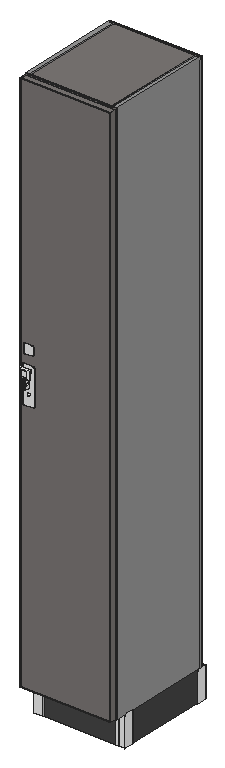
Revit family "Wood_Lockers_Hasps-Salsbury_Industries-41000_Series-1_Wide_Units.rfa", category Specialty Equipment, Revit 2016
Family settings
  Part Type = Normal
  Round Connector Dimension = Use Diameter
  OmniClass Number = 23.40.00.00
  OmniClass Title = Equipment and Furnishings
  Work Plane-Based = No
  Always vertical = Yes
  Cut with Voids When Loaded = No
  Shared = No
  Room Calculation Point = No
Parameters (values of type "41165")
  Width = 12.000"
  Version = "1.0 (01/31/24)"
  Unit Height including Sloping Hood Only [instance] = 77.743"
  Unit Height including Base Only [instance] = 76.000"
  URL = "www.lockers.com"
  Type Comments = "Premier Wood Locker - Single Tier - with Hasps"
  Total Door Height [instance] = if(Unit Height = 72.000", 71.750", if(Unit Height = 60.000", 59.750", 0.000"))  # 71.750"
  Sloping Top Corner Filler - Right Side [instance] = Wood Locker Sloping Corner Fillers : None
  Sloping Top Corner Filler - Left Side [instance] = Wood Locker Sloping Corner Fillers : None
  Sloping In-Line Filler - Right Side [instance] = Wood Locker Sloping In-Line Fillers : None
  Sloping In-Line Filler - Left Side [instance] = Wood Locker Sloping In-Line Fillers : None
  Sloping Hood Height = if(Depth = 15.000", 5.743", if(Depth = 18.000", 6.868", if(Depth = 21.000", 7.993", if(Depth = 24.000", 9.118", 0.000"))))  # 5.743"
  Sloping Hood [instance] = Wood Locker Sloping Hoods : None
  Side Panel without Slope - Right Side [instance] = Wood Locker Side Panels-No Slope : None
  Side Panel without Slope - Left Side [instance] = Wood Locker Side Panels-No Slope : None
  Side Panel with Slope - Right Side [instance] = Wood Locker Side Panels-With Slope : None
  Side Panel with Slope - Left Side [instance] = Wood Locker Side Panels-With Slope : None
  Secondary Structure Materials = Particle Board Industrial Grade - Salsbury Finish - Black Melamine Overlay
  Primary Structure Materials = Particle Board Industrial Grade - Salsbury Finish - Plain
  Overall Unit Height including Base and Sloping Hood [instance] = 81.743"
  OmniClass 23 Title = "Equipment and Furnishings"
  OmniClass 23 Number = "23.40.00.00"
  Model = "41165"
  MasterFormat Title = "Lockers"
  MasterFormat Code = "10 51 23"
  Manufacturer = "Salsbury Industries"
  Laminate Surface [instance] = Industrial Grade Particleboard with Wood Laminate - Salsbury Finish - Skyline Walnut
  Interior Material = Textured Melamine - Salsbury Finish - White
  Individual Door Width [instance] = 11.875"
  Unit Height = 72.000"
  Hardware = Aluminum - Salsbury Finish - Black Satin
  Front Vertical Filler - Right Side [instance] = Wood Locker Front Fillers : None
  Front Vertical Filler - Left Side [instance] = Wood Locker Front Fillers : None
  Front Corner Filler - Right Side [instance] = Wood Locker Front Corner Filler : None
  Front Corner Filler - Left Side [instance] = Wood Locker Front Corner Filler : None
  Flat Top In-Line Filler - Right Side [instance] = Wood Locker Flat In-Line Fillers : None
  Flat Top In-Line Filler - Left Side [instance] = Wood Locker Flat In-Line Fillers : None
  Flat Top Corner Filler - Right Side [instance] = Wood Locker Flat Corner Fillers : None
  Flat Top Corner Filler - Left Side [instance] = Wood Locker Flat Corner Fillers : None
  Fascia Filler [instance] = Wood Locker Fascia Fillers : None
  Double Side Panel without Slope - Right Side [instance] = Wood Locker Double Side Panels-No Slope : None
  Double Side Panel without Slope - Left Side [instance] = Wood Locker Double Side Panels-No Slope : None
  Double Side Panel with Slope - Right Side [instance] = Wood Locker Double Side Panels-With Slope : None
  Double Side Panel with Slope - Left Side [instance] = Wood Locker Double Side Panels-With Slope : None
  Door Location D1 = Premier Locker Doors_Hasp : Single Tier Door for Six Foot High Locker
  Description = "1 Wide - 6 Feet High - 15 inches Deep - with Base"
  Depth = 15.000"
  Compartment Width [instance] = 10.750"
  Compartment Height [instance] = if(Unit Height = 72.000", 70.500", if(Unit Height = 60.000", 58.500", 0.000"))  # 70.500"
  Compartment Depth [instance] = 13.750"
  Base Material = Particle Board Industrial Grade - Salsbury Finish - Black Melamine Overlay
  Base Height = 4.000"
  Base Depth [instance] = 13.250"
  Base = Wood Locker Bases : Base - 12" W x 15" D Lockers
  Assembly Code = "C1030310"
Reference planes (in)
  plane 1 "Center (Front/Back)": y = 0
  plane 2: z = 0
  plane 3 "Center (Left/Right)": x = 0
  plane 4 "Right Side of Unit": x = 6
  plane 5 "Left Side of Unit": x = -6
  plane 6 "Back of Unit": y = 7.5
  plane 7 "Front of Unit": y = -7.5
  plane 8 "Bottom of Base": z = 0
  plane 9 "Top Edge of Unit": z = 76
  plane 10 "Top of Base Edge": z = 4
  plane 11: z = 81.743
  plane 12 "Right Compartment Edge": x = 5.406
  plane 13 "Left Compartment Edge": x = -5.406
  plane 14 "Front Melamine Edge": y = -6.5
  plane 15 "Back Compartment Edge": y = 7.281
  plane 16 "Front Compartment Edge": y = -6.469
  plane 17 "Front Edge of Base": y = -5.125
  plane 18 "Bottom Edge of Door": z = 4.125
  plane 19 "Top Edge of Door": z = 75.875
  plane 20 "Bottom Compartment Edge": z = 4.75
  plane 21 "Top Compartment Edge": z = 75.25
  plane 22 "Center Top and Bottom": z = 40
  plane 23 "Left Melamine Edge": x = -5.375
  plane 24 "Right Melamine Edge": x = 5.375
  plane 25 "Back Melamine Edge": y = 7.25
  plane 26 "Left Edge of Door": x = -5.875
  plane 27: y = 8.125
  plane 28: y = -5.75
  plane 29 "Base / Ventillation Alignment": y = 8.125
  plane 30 "Compartment Shelf": z = 64.125
  plane 31: z = 63.375
  plane 32 "5" Shelf": z = 58.875
  plane 33: z = 58.125
  plane 34 "Front Edge of 5" Shelf": y = 2.25
  plane 35 "11.75" Shelf": z = 13
  plane 36: z = 13.75
  plane 37 "Front of Shoe Shelf": y = -4.5
  plane 38: y = 2.281
  plane 39: y = -4.469
  plane 40: z = 81.743
  plane 41: z = 81.743
  plane 42: z = 82.61385
  plane 43: z = 82.19365
  plane 44: z = 75.281
  plane 45: z = 4.719
Forms (in)
  Extrusion 1, solid, material "Particle Board Industrial Grade - Salsbury Finish - Plain" <- "Primary Structure Materials"
    sketch origin (6, 0, 0) x (0, -1, 0) y (0, 0, 1)
      loop
        line (6.469, 76) -> (-7.25, 76) -> (-7.25, 4) -> (6.469, 4) -> (6.469, 76)
    from 0 to 0.594
  Extrusion 2, solid, material "Particle Board Industrial Grade - Salsbury Finish - Plain" <- "Primary Structure Materials"
    sketch origin (-6, 0, 0) x (0, -1, 0) y (0, 0, 1)
      loop
        line (-7.25, 76) -> (-7.25, 4) -> (6.469, 4) -> (6.469, 76) -> (-7.25, 76)
    from 0 to -0.594
  Extrusion 3, solid, material "Particle Board Industrial Grade - Salsbury Finish - Black Melamine Overlay" <- "Secondary Structure Materials"
    sketch origin (0, 0, 4) x (0, -1, 0) y (1, 0, 0)
      loop
        line (-7.25, -5.375) -> (6.469, -5.375) -> (6.469, 5.375) -> (-7.25, 5.375) -> (-7.25, -5.375)
    from 0 to 0.719
  Extrusion 4, solid, material "Industrial Grade Particleboard with Wood Laminate - Salsbury Finish - Skyline Walnut" <- "Laminate Surface"
    sketch origin (-0.3905, 0.3905, 76) x (-1, 0, 0) y (0, -1, 0)
      loop
        line (-5.7655, -6.8595) -> (4.9845, -6.8595) -> (4.9845, 6.8595) -> (-5.7655, 6.8595) -> (-5.7655, -6.8595)
    from 0 to -0.75
  Extrusion 5, solid, material "Particle Board Industrial Grade - Salsbury Finish - Plain" <- "Primary Structure Materials"
    sketch origin (0, 7.5, 0) x (1, 0, 0) y (0, 0, 1)
      loop
        line (-6, 76) -> (-6, 4) -> (6, 4) -> (6, 76) -> (-6, 76)
    from 0 to 0.219
  Extrusion 6, solid, material "Industrial Grade Particleboard with Wood Laminate - Salsbury Finish - Skyline Walnut" <- "Laminate Surface"
    sketch origin (0, -6.469, 0) x (1, 0, 0) y (0, 0, 1)
      loop
        line (-6, 76) -> (-6, 4) -> (-5.375, 4) -> (-5.375, 76) -> (-6, 76)
    from 0 to 0.031
  Extrusion 7, solid, material "Industrial Grade Particleboard with Wood Laminate - Salsbury Finish - Skyline Walnut" <- "Laminate Surface"
    sketch origin (0, -6.469, 0) x (-1, 0, 0) y (0, 0, -1)
      loop
        line (-6, -76) -> (-5.375, -76) -> (-5.375, -4) -> (-6, -4) -> (-6, -76)
    from 0 to 0.031
  Extrusion 8, solid, material "Textured Melamine - Salsbury Finish - White" <- "Interior Material"
    sketch origin (0, 7.25, 0) x (1, 0, 0) y (0, 0, 1)
      loop
        line (-6, 76) -> (-6, 4) -> (6, 4) -> (6, 76) -> (-6, 76)
    from -0.031 to 0
  Extrusion 9, solid, material "Textured Melamine - Salsbury Finish - White" <- "Interior Material"
    sketch origin (-5.406, 0, 0) x (0, -1, 0) y (0, 0, 1)
      loop
        line (-7.25, 76) -> (-7.25, 4) -> (6.469, 4) -> (6.469, 76) -> (-7.25, 76)
    from 0 to -0.031
  Extrusion 10, solid, material "Textured Melamine - Salsbury Finish - White" <- "Interior Material"
    sketch origin (5.406, 0, 0) x (0, -1, 0) y (0, 0, 1)
      loop
        line (6.469, 76) -> (-7.25, 76) -> (-7.25, 4) -> (6.469, 4) -> (6.469, 76)
    from 0 to 0.031
  Extrusion 11, solid, material "Textured Melamine - Salsbury Finish - White" <- "Interior Material", detail levels fine
    sketch origin (0, 0, 64.125) x (0, -1, 0) y (1, 0, 0)
      loop
        line (-7.25, -5.375) -> (6.469, -5.375) -> (6.469, 5.375) -> (-7.25, 5.375) -> (-7.25, -5.375)
    from 0 to -0.75
  Extrusion 12, solid, material "Textured Melamine - Salsbury Finish - White" <- "Interior Material", detail levels fine
    sketch origin (0, 0, 58.875) x (0, -1, 0) y (1, 0, 0)
      loop
        line (-7.25, -5.375) -> (-2.281, -5.375) -> (-2.281, 5.375) -> (-7.25, 5.375) -> (-7.25, -5.375)
    from 0 to -0.75
  Extrusion 13, solid, material "Textured Melamine - Salsbury Finish - White" <- "Interior Material", detail levels fine
    sketch origin (0, 0, 13) x (0, -1, 0) y (1, 0, 0)
      loop
        line (-7.25, -5.375) -> (4.469, -5.375) -> (4.469, 5.375) -> (-7.25, 5.375) -> (-7.25, -5.375)
    from 0.75 to 0
  Extrusion 14, solid, material "Industrial Grade Particleboard with Wood Laminate - Salsbury Finish - Skyline Walnut" <- "Laminate Surface"
    sketch origin (0, -6.469, 0) x (1, 0, 0) y (0, 0, 1)
      loop
        line (5.375, 75.25) -> (5.375, 76) -> (-5.375, 76) -> (-5.375, 75.25) -> (5.375, 75.25)
    from 0 to 0.031
  Extrusion 15, solid, material "Industrial Grade Particleboard with Wood Laminate - Salsbury Finish - Skyline Walnut" <- "Laminate Surface"
    sketch origin (0, -6.469, -71.25) x (1, 0, 0) y (0, 0, 1)
      loop
        line (5.375, 75.25) -> (5.375, 76) -> (-5.375, 76) -> (-5.375, 75.25) -> (5.375, 75.25)
    from 0 to 0.031
  Extrusion 16, solid, material "Industrial Grade Particleboard with Wood Laminate - Salsbury Finish - Skyline Walnut" <- "Laminate Surface", detail levels fine
    sketch origin (0, -6.469, 0) x (1, 0, 0) y (0, 0, 1)
      loop
        line (-5.375, 64.125) -> (-5.375, 63.375) -> (5.375, 63.375) -> (5.375, 64.125) -> (-5.375, 64.125)
    from 0 to 0.031
  Extrusion 17, solid, material "Industrial Grade Particleboard with Wood Laminate - Salsbury Finish - Skyline Walnut" <- "Laminate Surface", detail levels fine
    sketch origin (0, 2.25, 0) x (1, 0, 0) y (0, 0, 1)
      loop
        line (-5.375, 58.875) -> (-5.375, 58.125) -> (5.375, 58.125) -> (5.375, 58.875) -> (-5.375, 58.875)
    from -0.031 to 0
  Extrusion 18, solid, material "Industrial Grade Particleboard with Wood Laminate - Salsbury Finish - Skyline Walnut" <- "Laminate Surface", detail levels fine
    sketch origin (0, -4.5, 0) x (1, 0, 0) y (0, 0, 1)
      loop
        line (-5.375, 13.75) -> (-5.375, 13) -> (5.375, 13) -> (5.375, 13.75) -> (-5.375, 13.75)
    from -0.031 to 0
  Extrusion 19, solid, material "Textured Melamine - Salsbury Finish - White" <- "Interior Material"
    sketch origin (0, 0, 4.75) x (0, -1, 0) y (1, 0, 0)
      loop
        line (-7.25, -5.375) -> (6.469, -5.375) -> (6.469, 5.375) -> (-7.25, 5.375) -> (-7.25, -5.375)
    from -0.031 to 0
Lines and regions (in)
  symbolic lines
    curve 1: line (-6, 7.25, 76) -> (6.00006, 7.25, 76)
    curve 2: line (-6, 7.25, 0) -> (-6, 7.25, 76)
    curve 3: line (6.00006, 7.25, 76) -> (6.00006, 7.25, 0)
    curve 4: line (5.406, -6.5, 76) -> (5.406, 8.125, 76)
    curve 5: line (5.406, -6.5, 0) -> (5.406, -6.5, 76)
    curve 6: line (5.406, 8.125, 76) -> (5.406, 8.125, 0)
    curve 7: line (6.00006, 7.25, 0) -> (-6, 7.25, 0)
    curve 8: line (5.406, -5.125, 0) -> (5.406, 8.125, 0)
    curve 9: line (5.406, 8.125, 0) -> (5.406, -5.125, 0)
    curve 10: line (5.406, -6.5, 0) -> (5.406, 8.125, 0)
    curve 11: line (-6, 8.125, 0) -> (6, 8.125, 0)
    curve 12: line (-6, -6.5, 0) -> (-6, 8.125, 0)
    curve 13: line (6, -6.5, 0) -> (-6, -6.5, 0)
    curve 14: line (6, 8.125, 0) -> (6, -6.5, 0)
Dimensions and locks (in)
  equal spacing: plane 5 "Left Side of Unit", plane 3 "Center (Left/Right)", plane 4 "Right Side of Unit"
  "Width": plane 5 "Left Side of Unit" to plane 4 "Right Side of Unit"
  equal spacing: plane 7 "Front of Unit", plane 1 "Center (Front/Back)", plane 6 "Back of Unit"
  "Depth": plane 7 "Front of Unit" to plane 6 "Back of Unit"
  "Base Height": plane 10 "Top of Base Edge" to plane 8 "Bottom of Base"
  "Unit Height": plane 9 "Top Edge of Unit" to plane 10 "Top of Base Edge"
  "Sloping Hood Height": plane 11 to plane 9 "Top Edge of Unit"
  locked: plane 12 "Right Compartment Edge" to plane 4 "Right Side of Unit" at 0.594
  locked: plane 5 "Left Side of Unit" to plane 13 "Left Compartment Edge" at 0.594
  locked: plane 7 "Front of Unit" to plane 14 "Front Melamine Edge" at 1
  locked: plane 15 "Back Compartment Edge" to plane 6 "Back of Unit" at 0.219
  locked: plane 14 "Front Melamine Edge" to plane 16 "Front Compartment Edge" at 0.031
  plane 18 "Bottom Edge of Door" to plane 10 "Top of Base Edge" = 0.125"
  plane 9 "Top Edge of Unit" to plane 19 "Top Edge of Door" = 0.125"
  plane 20 "Bottom Compartment Edge" to plane 10 "Top of Base Edge" = 0.750"
  plane 9 "Top Edge of Unit" to plane 21 "Top Compartment Edge" = 0.750"
  equal spacing: plane 9 "Top Edge of Unit", plane 22 "Center Top and Bottom", plane 10 "Top of Base Edge"
  locked: plane 24 "Right Melamine Edge" to plane 12 "Right Compartment Edge" at 0.031
  locked: plane 13 "Left Compartment Edge" to plane 23 "Left Melamine Edge" at 0.031
  locked: plane 25 "Back Melamine Edge" to plane 15 "Back Compartment Edge" at 0.031
  locked: plane 5 "Left Side of Unit" to plane 26 "Left Edge of Door" at 0.125
  "Individual Door Width": plane 26 "Left Edge of Door" to plane 4 "Right Side of Unit"
  "Total Door Height": plane 19 "Top Edge of Door" to plane 18 "Bottom Edge of Door"
  "Unit Height including Base Only": plane 9 "Top Edge of Unit" to plane 8 "Bottom of Base"
  "Unit Height including Sloping Hood Only": plane 11 to plane 10 "Top of Base Edge"
  "Overall Unit Height including Base and Sloping Hood": plane 11 to plane 8 "Bottom of Base"
  locked: plane 7 "Front of Unit" to plane 17 "Front Edge of Base" at 2.375
  locked: plane 6 "Back of Unit" to plane 27 at 0.625
  "Base Depth": plane 17 "Front Edge of Base" to plane 27
  "Compartment Width": plane 23 "Left Melamine Edge" to plane 24 "Right Melamine Edge"
  "Compartment Height": plane 21 "Top Compartment Edge" to plane 20 "Bottom Compartment Edge"
  "Compartment Depth": plane 14 "Front Melamine Edge" to plane 25 "Back Melamine Edge"
  locked: plane 14 "Front Melamine Edge" to plane 28 at 0.75
  plane 14 "Front Melamine Edge" to plane 27 = 14.625"
  Extrusion 2 to Extrusion 9 = 13.719"
  plane 6 "Back of Unit" to plane 29 "Base / Ventillation Alignment" = 0.625"
  plane 21 "Top Compartment Edge" to plane 30 "Compartment Shelf" = 11.125"
  locked: plane 30 "Compartment Shelf" to plane 31 at 0.75
  locked: plane 31 to plane 32 "5" Shelf" at 4.5
  locked: plane 32 "5" Shelf" to plane 33 at 0.75
  locked: plane 34 "Front Edge of 5" Shelf" to plane 25 "Back Melamine Edge" at 5
  locked: plane 36 to plane 35 "11.75" Shelf" at 0.75
  locked: plane 35 "11.75" Shelf" to plane 20 "Bottom Compartment Edge" at 8.25
  locked: plane 37 "Front of Shoe Shelf" to plane 25 "Back Melamine Edge" at 11.75
  locked: plane 34 "Front Edge of 5" Shelf" to plane 38 at 0.031
  locked: plane 37 "Front of Shoe Shelf" to plane 39 at 0.031
  locked: plane 44 to plane 21 "Top Compartment Edge" at 0.031
  locked: plane 20 "Bottom Compartment Edge" to plane 45 at 0.031
  aligned and locked: level to plane 2
  aligned and locked: plane 15 "Back Compartment Edge" to Extrusion 5
  aligned and locked: plane 9 "Top Edge of Unit" to nested 1
  aligned and locked: plane 28 to nested 1
  aligned and locked: nested 2 to plane 28
  aligned and locked: plane 5 "Left Side of Unit" to nested 2
  aligned and locked: plane 4 "Right Side of Unit" to nested 1
  aligned and locked: nested 2 to plane 9 "Top Edge of Unit"
  aligned and locked: plane 14 "Front Melamine Edge" to nested 3
  aligned and locked: plane 4 "Right Side of Unit" to nested 3
  aligned and locked: nested 4 to plane 14 "Front Melamine Edge"
  aligned and locked: plane 5 "Left Side of Unit" to nested 4
  aligned and locked: nested 3 to plane 8 "Bottom of Base"
  aligned and locked: nested 4 to plane 8 "Bottom of Base"
  aligned and locked: plane 17 "Front Edge of Base" to nested 5
  aligned and locked: nested 7 to plane 9 "Top Edge of Unit"
  aligned and locked: plane 4 "Right Side of Unit" to nested 7
  aligned and locked: nested 6 to plane 9 "Top Edge of Unit"
  aligned and locked: plane 5 "Left Side of Unit" to nested 6
  aligned and locked: nested 7 to plane 28
  aligned and locked: nested 6 to plane 28
  aligned and locked: plane 14 "Front Melamine Edge" to nested 8
  aligned and locked: plane 9 "Top Edge of Unit" to nested 8
  aligned and locked: plane 8 "Bottom of Base" to nested 5
  aligned and locked: plane 3 "Center (Left/Right)" to nested 5
  aligned and locked: plane 25 "Back Melamine Edge" to Extrusion 3 sketch curve
  aligned and locked: Extrusion 3 sketch curve to plane 23 "Left Melamine Edge"
  aligned and locked: plane 24 "Right Melamine Edge" to Extrusion 3 sketch curve
  aligned and locked: plane 10 "Top of Base Edge" to Extrusion 3
  aligned and locked: Extrusion 4 to plane 9 "Top Edge of Unit"
  aligned and locked: Extrusion 2 sketch curve to plane 9 "Top Edge of Unit"
  aligned and locked: plane 16 "Front Compartment Edge" to Extrusion 2 sketch curve
  aligned and locked: Extrusion 2 sketch curve to plane 25 "Back Melamine Edge"
  aligned and locked: plane 10 "Top of Base Edge" to Extrusion 2 sketch curve
  aligned and locked: Extrusion 2 to plane 13 "Left Compartment Edge"
  aligned and locked: plane 5 "Left Side of Unit" to Extrusion 2
  aligned and locked: plane 10 "Top of Base Edge" to Extrusion 9 sketch curve
  aligned and locked: Extrusion 9 sketch curve to plane 25 "Back Melamine Edge"
  aligned and locked: Extrusion 9 sketch curve to plane 9 "Top Edge of Unit"
  aligned and locked: Extrusion 1 sketch curve to plane 16 "Front Compartment Edge"
  aligned and locked: plane 9 "Top Edge of Unit" to Extrusion 1 sketch curve
  aligned and locked: Extrusion 1 sketch curve to plane 10 "Top of Base Edge"
  aligned and locked: plane 25 "Back Melamine Edge" to Extrusion 1 sketch curve
  aligned and locked: Extrusion 1 to plane 4 "Right Side of Unit"
  aligned and locked: plane 12 "Right Compartment Edge" to Extrusion 1
  aligned and locked: Extrusion 10 sketch curve to plane 10 "Top of Base Edge"
  aligned and locked: plane 25 "Back Melamine Edge" to Extrusion 10 sketch curve
  aligned and locked: Extrusion 10 sketch curve to plane 16 "Front Compartment Edge"
  aligned and locked: plane 9 "Top Edge of Unit" to Extrusion 10 sketch curve
  aligned and locked: Extrusion 10 to plane 12 "Right Compartment Edge"
  aligned and locked: plane 24 "Right Melamine Edge" to Extrusion 10
  aligned and locked: Extrusion 8 sketch curve to plane 10 "Top of Base Edge"
  aligned and locked: plane 4 "Right Side of Unit" to Extrusion 8 sketch curve
  aligned and locked: plane 9 "Top Edge of Unit" to Extrusion 8 sketch curve
  aligned and locked: Extrusion 8 sketch curve to plane 5 "Left Side of Unit"
  aligned and locked: Extrusion 8 to plane 15 "Back Compartment Edge"
  aligned and locked: plane 25 "Back Melamine Edge" to Extrusion 8
  aligned and locked: plane 9 "Top Edge of Unit" to Extrusion 5 sketch curve
  aligned and locked: Extrusion 5 sketch curve to plane 5 "Left Side of Unit"
  aligned and locked: Extrusion 5 sketch curve to plane 10 "Top of Base Edge"
  aligned and locked: plane 4 "Right Side of Unit" to Extrusion 5 sketch curve
  aligned and locked: Extrusion 7 sketch curve to plane 9 "Top Edge of Unit"
  aligned and locked: Extrusion 7 sketch curve to plane 4 "Right Side of Unit"
  aligned and locked: plane 24 "Right Melamine Edge" to Extrusion 7 sketch curve
  aligned and locked: plane 10 "Top of Base Edge" to Extrusion 7 sketch curve
  aligned and locked: Extrusion 7 to plane 16 "Front Compartment Edge"
  aligned and locked: plane 14 "Front Melamine Edge" to Extrusion 7
  aligned and locked: Extrusion 6 sketch curve to plane 10 "Top of Base Edge"
  aligned and locked: plane 23 "Left Melamine Edge" to Extrusion 6 sketch curve
  aligned and locked: Extrusion 6 sketch curve to plane 5 "Left Side of Unit"
  aligned and locked: plane 9 "Top Edge of Unit" to Extrusion 6 sketch curve
  aligned and locked: Extrusion 6 to plane 16 "Front Compartment Edge"
  aligned and locked: plane 14 "Front Melamine Edge" to Extrusion 6
  aligned and locked: plane 16 "Front Compartment Edge" to Extrusion 9
  aligned and locked: Extrusion 9 to Extrusion 3
  aligned and locked: plane 13 "Left Compartment Edge" to Extrusion 9
  aligned and locked: curve 2 to nested 4
  aligned and locked: nested 3 to curve 5
  aligned and locked: curve 9 to nested 5
  aligned and locked: curve 10 to nested 3
  aligned and locked: curve 13 to plane 14 "Front Melamine Edge"
  aligned and locked: curve 12 to plane 5 "Left Side of Unit"
  aligned and locked: plane 29 "Base / Ventillation Alignment" to curve 11
  aligned and locked: plane 3 "Center (Left/Right)" to nested 8
  aligned and locked: plane 29 "Base / Ventillation Alignment" to curve 6
  aligned and locked: plane 25 "Back Melamine Edge" to Extrusion 11 sketch curve
  aligned and locked: Extrusion 11 sketch curve to plane 23 "Left Melamine Edge"
  aligned and locked: plane 24 "Right Melamine Edge" to Extrusion 11 sketch curve
  aligned and locked: plane 31 to Extrusion 11
  aligned and locked: Extrusion 11 to plane 30 "Compartment Shelf"
  aligned and locked: Extrusion 12 to plane 24 "Right Melamine Edge"
  aligned and locked: plane 23 "Left Melamine Edge" to Extrusion 12
  aligned and locked: Extrusion 12 to plane 32 "5" Shelf"
  aligned and locked: plane 33 to Extrusion 12
  aligned and locked: Extrusion 12 to plane 25 "Back Melamine Edge"
  aligned and locked: Extrusion 13 to plane 36
  aligned and locked: plane 35 "11.75" Shelf" to Extrusion 13
  aligned and locked: Extrusion 13 to plane 24 "Right Melamine Edge"
  aligned and locked: plane 23 "Left Melamine Edge" to Extrusion 13
  aligned and locked: Extrusion 13 to plane 25 "Back Melamine Edge"
  aligned and locked: Extrusion 14 sketch curve to Extrusion 4
  aligned and locked: Extrusion 6 to Extrusion 14 sketch curve
  aligned and locked: plane 20 "Bottom Compartment Edge" to Extrusion 15 sketch curve
  aligned and locked: Extrusion 15 sketch curve to plane 10 "Top of Base Edge"
  aligned and locked: Extrusion 15 sketch curve to plane 23 "Left Melamine Edge"
  aligned and locked: plane 24 "Right Melamine Edge" to Extrusion 15 sketch curve
  aligned and locked: Extrusion 15 to plane 16 "Front Compartment Edge"
  aligned and locked: plane 14 "Front Melamine Edge" to Extrusion 15
  aligned and locked: Extrusion 11 sketch curve to plane 16 "Front Compartment Edge"
  aligned and locked: Extrusion 16 sketch curve to Extrusion 11  (x4)
  aligned and locked: plane 14 "Front Melamine Edge" to Extrusion 16
  aligned and locked: Extrusion 16 to plane 16 "Front Compartment Edge"
  aligned and locked: plane 38 to Extrusion 12
  aligned and locked: Extrusion 17 sketch curve to plane 33
  aligned and locked: plane 32 "5" Shelf" to Extrusion 17 sketch curve
  aligned and locked: Extrusion 17 sketch curve to plane 23 "Left Melamine Edge"
  aligned and locked: plane 24 "Right Melamine Edge" to Extrusion 17 sketch curve
  aligned and locked: Extrusion 17 to Extrusion 12
  aligned and locked: plane 34 "Front Edge of 5" Shelf" to Extrusion 17
  aligned and locked: plane 39 to Extrusion 13
  aligned and locked: Extrusion 18 to Extrusion 13  (x3)
  aligned and locked: plane 23 "Left Melamine Edge" to Extrusion 18
  aligned and locked: Extrusion 18 to plane 24 "Right Melamine Edge"
  aligned and locked: plane 37 "Front of Shoe Shelf" to Extrusion 18
  aligned and locked: plane 5 "Left Side of Unit" to nested 9
  aligned and locked: plane 10 "Top of Base Edge" to nested 9
  aligned and locked: nested 9 to plane 14 "Front Melamine Edge"
  aligned and locked: nested 10 to plane 10 "Top of Base Edge"
  aligned and locked: plane 4 "Right Side of Unit" to nested 10
  aligned and locked: plane 14 "Front Melamine Edge" to nested 10
  aligned and locked: plane 3 "Center (Left/Right)" to nested 11
  aligned and locked: plane 9 "Top Edge of Unit" to nested 11
  aligned and locked: plane 14 "Front Melamine Edge" to nested 11
  aligned and locked: plane 5 "Left Side of Unit" to nested 12
  aligned and locked: plane 10 "Top of Base Edge" to nested 12
  aligned and locked: nested 12 to plane 14 "Front Melamine Edge"
  aligned and locked: plane 4 "Right Side of Unit" to nested 13
  aligned and locked: nested 13 to plane 10 "Top of Base Edge"
  aligned and locked: plane 14 "Front Melamine Edge" to nested 13
  aligned and locked: plane 5 "Left Side of Unit" to nested 14
  aligned and locked: plane 10 "Top of Base Edge" to nested 14
  aligned and locked: nested 14 to plane 14 "Front Melamine Edge"
  aligned and locked: plane 4 "Right Side of Unit" to nested 15
  aligned and locked: nested 15 to plane 10 "Top of Base Edge"
  aligned and locked: plane 14 "Front Melamine Edge" to nested 15
  aligned and locked: plane 10 "Top of Base Edge" to nested 16
  aligned and locked: plane 5 "Left Side of Unit" to nested 16
  aligned and locked: nested 16 to plane 14 "Front Melamine Edge"
  aligned and locked: plane 14 "Front Melamine Edge" to nested 17
  aligned and locked: plane 4 "Right Side of Unit" to nested 17
  aligned and locked: nested 17 to plane 10 "Top of Base Edge"
  aligned and locked: plane 18 "Bottom Edge of Door" to nested 18
  aligned and locked: plane 4 "Right Side of Unit" to nested 18
  aligned and locked: nested 18 to plane 7 "Front of Unit"
  aligned and locked: plane 5 "Left Side of Unit" to nested 19
  aligned and locked: plane 9 "Top Edge of Unit" to nested 19
  aligned and locked: nested 19 to plane 14 "Front Melamine Edge"
  aligned and locked: nested 20 to plane 14 "Front Melamine Edge"
  aligned and locked: plane 4 "Right Side of Unit" to nested 20
  aligned and locked: nested 20 to plane 9 "Top Edge of Unit"
  aligned and locked: nested 21 to plane 14 "Front Melamine Edge"
  aligned and locked: plane 5 "Left Side of Unit" to nested 21
  aligned and locked: nested 21 to plane 9 "Top Edge of Unit"
  aligned and locked: nested 22 to plane 14 "Front Melamine Edge"
  aligned and locked: nested 22 to plane 4 "Right Side of Unit"
  aligned and locked: nested 22 to plane 9 "Top Edge of Unit"
  aligned and locked: plane 21 "Top Compartment Edge" to Extrusion 14
  aligned and locked: Extrusion 3 to plane 45
  aligned and locked: Extrusion 19 sketch curve to Extrusion 3  (x4)
  aligned and locked: Extrusion 19 to Extrusion 3
  aligned and locked: Extrusion 19 to plane 20 "Bottom Compartment Edge"
  aligned and locked: plane 14 "Front Melamine Edge" to nested 23
  aligned and locked: nested 23 to plane 5 "Left Side of Unit"
  aligned and locked: nested 23 to plane 8 "Bottom of Base"
  aligned and locked: plane 8 "Bottom of Base" to nested 24
  aligned and locked: nested 24 to plane 4 "Right Side of Unit"
  aligned and locked: nested 24 to plane 14 "Front Melamine Edge"
  aligned and locked: plane 21 "Top Compartment Edge" to Extrusion 4
  aligned and locked: Extrusion 4 to Extrusion 3  (x2)
  aligned and locked: Extrusion 3 to Extrusion 4
  aligned and locked: plane 16 "Front Compartment Edge" to Extrusion 4
Automatic sketch dimensions
  plane 16 "Front Compartment Edge" to Extrusion 3 sketch curve = 0.000"
  Extrusion 9 sketch curve to plane 16 "Front Compartment Edge" = 0.000"
  curve 3 to level = 0.000"
  curve 3 to plane 4 "Right Side of Unit" = 0.00006"
  curve 8 to plane 17 "Front Edge of Base" = 0.000"
  curve 9 to plane 17 "Front Edge of Base" = 0.000"
  curve 13 to plane 4 "Right Side of Unit" = 0.000"
  Extrusion 12 sketch curve to plane 24 "Right Melamine Edge" = 0.000"
  plane 25 "Back Melamine Edge" to Extrusion 12 sketch curve = 0.000"
  Extrusion 12 sketch curve to plane 23 "Left Melamine Edge" = 0.000"
  plane 38 to Extrusion 12 sketch curve = 0.000"
  Extrusion 13 sketch curve to plane 24 "Right Melamine Edge" = 0.000"
  plane 25 "Back Melamine Edge" to Extrusion 13 sketch curve = 0.000"
  Extrusion 13 sketch curve to plane 23 "Left Melamine Edge" = 0.000"
  plane 39 to Extrusion 13 sketch curve = 0.000"
  plane 23 "Left Melamine Edge" to Extrusion 18 sketch curve = 0.000"
  plane 24 "Right Melamine Edge" to Extrusion 18 sketch curve = 0.000"
  Extrusion 18 sketch curve to plane 35 "11.75" Shelf" = 0.000"
  Extrusion 18 sketch curve to plane 36 = 0.000"
  plane 9 "Top Edge of Unit" to curve 5 = 0.000"
  curve 3 to plane 9 "Top Edge of Unit" = 0.000"
  plane 17 "Front Edge of Base" to Extrusion 4 sketch curve = 1.344"
  plane 4 "Right Side of Unit" to Extrusion 4 sketch curve = 0.625"
  Extrusion 4 sketch curve to plane 5 "Left Side of Unit" = 0.625"
  plane 25 "Back Melamine Edge" to Extrusion 4 sketch curve = 0.000"
  plane 24 "Right Melamine Edge" to Extrusion 14 sketch curve = 0.000"
  Extrusion 14 sketch curve to plane 21 "Top Compartment Edge" = 0.000"
Nested families (in)
  nested 1: "Wood Locker Flat Corner Fillers" at (13.5, -2.125, 75.25), type <- "Flat Top Corner Filler - Right Side", type "None"
  nested 2: "Wood Locker Flat Corner Fillers" at (-13.5, -2.125, 75.25) x (-1, 0, 0) z (0, 0, 1), type <- "Flat Top Corner Filler - Left Side", type "None"
  nested 3: "Wood Locker Front Fillers" at (13.5, -6.125, 0), type <- "Front Vertical Filler - Right Side", type "None"
  nested 4: "Wood Locker Front Fillers" at (-13.5, -6.125, 0) x (-1, 0, 0) z (0, 0, 1), type <- "Front Vertical Filler - Left Side", type "None"
  nested 5: "Wood Locker Bases" at (0, 1.5, 0), type <- "Base", type "Base - 12" W x 15" D Lockers"
  nested 6: "Wood Locker Flat In-Line Fillers" at (-13.5, 0.875, 75.25), type <- "Flat Top In-Line Filler - Left Side", type "None"
  nested 7: "Wood Locker Flat In-Line Fillers" at (13.5, 0.875, 75.25) x (-1, 0, 0) z (0, 0, 1), type <- "Flat Top In-Line Filler - Right Side", type "None"
  nested 8: "Wood Locker Fascia Fillers" at (0, -6.125, 76), type <- "Fascia Filler", type "None"
  nested 9: "Wood Locker Side Panels-With Slope" at (-6.375, 0.8125, 4) x (0, -1, 0) z (0, 0, 1), type <- "Side Panel with Slope - Left Side", type "None"
  nested 10: "Wood Locker Side Panels-With Slope" at (6.375, 0.8125, 4) x (0, -1, 0) z (0, 0, 1), type <- "Side Panel with Slope - Right Side", type "None"
  nested 11: "Wood Locker Sloping Hoods" at (0, 0.8125, 76), type <- "Sloping Hood", type "None"
  nested 12: "Wood Locker Double Side Panels-With Slope" at (-6.375, 0.5, 4) x (0, -1, 0) z (0, 0, 1), type <- "Double Side Panel with Slope - Left Side", type "None"
  nested 13: "Wood Locker Double Side Panels-With Slope" at (6.375, 0.5, 4) x (0, -1, 0) z (0, 0, 1), type <- "Double Side Panel with Slope - Right Side", type "None"
  nested 14: "Wood Locker Side Panels-No Slope" at (-6.375, 0.5, 4) x (0, -1, 0) z (0, 0, 1), type <- "Side Panel without Slope - Left Side", type "None"
  nested 15: "Wood Locker Side Panels-No Slope" at (6.375, 0.5, 4) x (0, -1, 0) z (0, 0, 1), type <- "Side Panel without Slope - Right Side", type "None"
  nested 16: "Wood Locker Double Side Panels-No Slope" at (-6.375, 0.5, 4) x (0, -1, 0) z (0, 0, 1), type <- "Double Side Panel without Slope - Left Side", type "None"
  nested 17: "Wood Locker Double Side Panels-No Slope" at (6.375, 0.5, 4) x (0, -1, 0) z (0, 0, 1), type <- "Double Side Panel without Slope - Right Side", type "None"
  nested 18: "Premier Locker Doors_Hasp" at (0.0625, -7.125, 4.125), type <- "Door Location D1", type "Single Tier Door for Six Foot High Locker"
  nested 19: "Wood Locker Sloping In-Line Fillers" at (-12, 0.5, 76), type <- "Sloping In-Line Filler - Left Side", type "None"
  nested 20: "Wood Locker Sloping In-Line Fillers" at (12, 0.5, 76) x (-1, 0, 0) z (0, 0, 1), type <- "Sloping In-Line Filler - Right Side", type "None"
  nested 21: "Wood Locker Sloping Corner Fillers" at (-15.25, 0.5, 76), type <- "Sloping Top Corner Filler - Left Side", type "None"
  nested 22: "Wood Locker Sloping Corner Fillers" at (15.25, 0.5, 76) x (-1, 0, 0) z (0, 0, 1), type <- "Sloping Top Corner Filler - Right Side", type "None"
  nested 23: "Wood Locker Front Corner Filler" at (-7.125, -6.125, 0), type <- "Front Corner Filler - Left Side", type "None"
  nested 24: "Wood Locker Front Corner Filler" at (7.125, -6.125, 0) x (-1, 0, 0) z (0, 0, 1), type <- "Front Corner Filler - Right Side", type "None"
Definition of nested family "Wood Locker Bases"
  Parameters (values of type "Base - 12" W x 15" D Lockers")
    Width = 12.000"
    Visible Base = yes
    Visible = no
    Model = "Base - 12\" W x 15\" D Lockers"
    Manufacturer = "Salsbury Industries"
    Height = 4.000"
    Depth = 13.250"
    Base Secondary Material = none
    Base Primary Materials = none
    Base Hardware = none
  Types (14): name | Width | Visible Base | Visible | Model | Depth
    (no name) | 12.000" | yes | no | "Base - 12\" W x 15\" D Lockers" | 13.250"
    Base - 12" W x 15" D Lockers | 12.000" | yes | no | "Base - 12\" W x 15\" D Lockers" | 13.250"
    Base - 12" W x 18" D Lockers | 12.000" | yes | no | "Base - 12\" W x 18\" D Lockers" | 16.250"
    Base - 12" W x 21" D Lockers | 12.000" | yes | no | "Base - 12\" W x 21\" D Lockers" | 19.250"
    Base - 36" W x 15" D Lockers | 36.000" | yes | yes | "Base - 36\" W x 15\" D Lockers" | 13.250"
    Base - 36" W x 18" D Lockers | 36.000" | yes | yes | "Base - 36\" W x 18\" D Lockers" | 16.250"
    Base - 36" W x 21" D Lockers | 36.000" | yes | yes | "Base - 36\" W x 21\" D Lockers" | 19.250"
    Base - 15" W x 18" D Lockers | 15.000" | yes | no | "Base - 15\" W x 18\" D Lockers" | 16.250"
    Base - 15" W x 21" D Lockers | 15.000" | yes | no | "Base - 15\" W x 21\" D Lockers" | 19.250"
    Base - 15" W x 24" D Lockers | 15.000" | yes | no | "Base - 15\" W x 24\" D Lockers" | 22.250"
    Base - 45" W x 18" D Lockers | 45.000" | yes | yes | "Base - 45\" W x 18\" D Lockers" | 16.250"
    Base - 45" W x 21" D Lockers | 45.000" | yes | yes | "Base - 45\" W x 21\" D Lockers" | 19.250"
    Base - 45" W x 24" D Lockers | 45.000" | yes | yes | "Base - 45\" W x 24\" D Lockers" | 22.250"
    None | 12.000" | no | no | "Base - 12\" W x 15\" D Lockers" | 13.250"
  Reference planes (in)
    plane 1 "Center (Front/Back)": y = 0
    plane 2: z = 0
    plane 3 "Center (Left/Right)": x = 0
    plane 4 "Left Edge": x = -6
    plane 5 "Right Edge": x = 6
    plane 6 "Back Edge": y = 6.625
    plane 7 "Front Edge": y = -6.625
    plane 8 "Bottom Edge": z = 0
    plane 9 "Top Edge": z = 4
    plane 10: x = -4.75
    plane 11: x = -4.102
    plane 12: y = 6.562
    plane 13: y = 5.8
    plane 14: x = -5.131
    plane 15: x = -5.256
    plane 16: x = -5.937
    plane 17: x = -5.175
    plane 18: y = 4.727
    plane 19: y = 5.375
    plane 20: y = 5.756
    plane 21: y = 5.881
    plane 22: x = -5.931
    plane 23: x = 5.931
    plane 24: y = 6.556
    plane 25: y = -6.556
    plane 26: y = 6.525
    plane 27: y = -6.525
    plane 28: x = -5.9
    plane 29: x = 5.9
    plane 30: x = -2.375
    plane 31: x = 2.375
  Forms (in)
    Extrusion 1, solid, material <- "Base Hardware", visible <- "Visible Base"
      sketch origin (0, 0, 0) x (1, 0, 0) y (0, 1, 0)
        loop
          arc (-5.96712, 6.625) -> (-5.99098, 6.61598) -> (-6, 6.59212) r 0.031
          line (-6, 6.59212) -> (-6, 5.4065)
          arc (-6, 5.4065) -> (-5.9685, 5.375) -> (-5.937, 5.4065) r 0.0315
          line (-5.937, 5.4065) -> (-5.937, 5.756) -> (-5.837, 5.756) -> (-5.837, 5.819) -> (-5.937, 5.819) -> (-5.937, 6.51465) -> (-5.256, 5.83365) -> (-5.256, 5.756) -> (-5.175, 5.756) -> (-5.175, 4.75833)
          arc (-5.175, 4.75833) -> (-5.14367, 4.727) -> (-5.11235, 4.75833) r 0.03133
          line (-5.11235, 4.75833) -> (-5.11235, 5.73703) -> (-4.13348, 5.73703)
          arc (-4.13348, 5.73703) -> (-4.102, 5.76852) -> (-4.13348, 5.8) r 0.03148
          line (-4.13348, 5.8) -> (-5.131, 5.8) -> (-5.131, 5.881) -> (-5.21422, 5.881) -> (-5.89522, 6.562) -> (-5.194, 6.562) -> (-5.194, 6.462) -> (-5.131, 6.462) -> (-5.131, 6.562) -> (-4.7814, 6.562)
          arc (-4.7814, 6.562) -> (-4.7499, 6.5935) -> (-4.7814, 6.625) r 0.0315
          line (-4.7814, 6.625) -> (-5.96712, 6.625)
      from 0 to 4
    Extrusion 2, solid, material <- "Base Hardware", visible <- "Visible Base"
      sketch origin (0, 0, 0) x (-1, 0, 0) y (0, -1, 0)
        loop
          line (-5.96712, -6.625) -> (-4.7814, -6.625)
          arc (-4.7814, -6.625) -> (-4.7499, -6.5935) -> (-4.7814, -6.562) r 0.0315
          line (-4.7814, -6.562) -> (-5.131, -6.562) -> (-5.131, -6.462) -> (-5.194, -6.462) -> (-5.194, -6.562) -> (-5.89522, -6.562) -> (-5.21422, -5.881) -> (-5.131, -5.881) -> (-5.131, -5.8) -> (-4.13348, -5.8)
          arc (-4.13348, -5.8) -> (-4.102, -5.76852) -> (-4.13348, -5.73703) r 0.03148
          line (-4.13348, -5.73703) -> (-5.11235, -5.73703) -> (-5.11235, -4.75833)
          arc (-5.11235, -4.75833) -> (-5.14367, -4.727) -> (-5.175, -4.75833) r 0.03133
          line (-5.175, -4.75833) -> (-5.175, -5.756) -> (-5.256, -5.756) -> (-5.256, -5.83365) -> (-5.937, -6.51465) -> (-5.937, -5.819) -> (-5.837, -5.819) -> (-5.837, -5.756) -> (-5.937, -5.756) -> (-5.937, -5.4065)
          arc (-5.937, -5.4065) -> (-5.9685, -5.375) -> (-6, -5.4065) r 0.0315
          line (-6, -5.4065) -> (-6, -6.59212)
          arc (-6, -6.59212) -> (-5.99098, -6.61598) -> (-5.96712, -6.625) r 0.031
      from 0 to 4
    Extrusion 3, solid, material <- "Base Hardware", visible <- "Visible Base"
      sketch origin (0, 0, 0) x (1, 0, 0) y (0, 1, 0)
        loop
          line (-5.96712, -6.625) -> (-4.7814, -6.625)
          arc (-4.7814, -6.625) -> (-4.7499, -6.5935) -> (-4.7814, -6.562) r 0.0315
          line (-4.7814, -6.562) -> (-5.131, -6.562) -> (-5.131, -6.462) -> (-5.194, -6.462) -> (-5.194, -6.562) -> (-5.89522, -6.562) -> (-5.21422, -5.881) -> (-5.131, -5.881) -> (-5.131, -5.8) -> (-4.13348, -5.8)
          arc (-4.13348, -5.8) -> (-4.102, -5.76852) -> (-4.13348, -5.73703) r 0.03148
          line (-4.13348, -5.73703) -> (-5.11235, -5.73703) -> (-5.11235, -4.75833)
          arc (-5.11235, -4.75833) -> (-5.14367, -4.727) -> (-5.175, -4.75833) r 0.03133
          line (-5.175, -4.75833) -> (-5.175, -5.756) -> (-5.256, -5.756) -> (-5.256, -5.83365) -> (-5.937, -6.51465) -> (-5.937, -5.819) -> (-5.837, -5.819) -> (-5.837, -5.756) -> (-5.937, -5.756) -> (-5.937, -5.4065)
          arc (-5.937, -5.4065) -> (-5.9685, -5.375) -> (-6, -5.4065) r 0.0315
          line (-6, -5.4065) -> (-6, -6.59212)
          arc (-6, -6.59212) -> (-5.99098, -6.61598) -> (-5.96712, -6.625) r 0.031
      from 0 to 4
    Extrusion 4, solid, material <- "Base Hardware", visible <- "Visible Base"
      sketch origin (0, 0, 0) x (-1, 0, 0) y (0, -1, 0)
        loop
          arc (-5.96712, 6.625) -> (-5.99098, 6.61598) -> (-6, 6.59212) r 0.031
          line (-6, 6.59212) -> (-6, 5.4065)
          arc (-6, 5.4065) -> (-5.9685, 5.375) -> (-5.937, 5.4065) r 0.0315
          line (-5.937, 5.4065) -> (-5.937, 5.756) -> (-5.837, 5.756) -> (-5.837, 5.819) -> (-5.937, 5.819) -> (-5.937, 6.51465) -> (-5.256, 5.83365) -> (-5.256, 5.756) -> (-5.175, 5.756) -> (-5.175, 4.75833)
          arc (-5.175, 4.75833) -> (-5.14367, 4.727) -> (-5.11235, 4.75833) r 0.03133
          line (-5.11235, 4.75833) -> (-5.11235, 5.73703) -> (-4.13348, 5.73703)
          arc (-4.13348, 5.73703) -> (-4.102, 5.76852) -> (-4.13348, 5.8) r 0.03148
          line (-4.13348, 5.8) -> (-5.131, 5.8) -> (-5.131, 5.881) -> (-5.21422, 5.881) -> (-5.89522, 6.562) -> (-5.194, 6.562) -> (-5.194, 6.462) -> (-5.131, 6.462) -> (-5.131, 6.562) -> (-4.7814, 6.562)
          arc (-4.7814, 6.562) -> (-4.7499, 6.5935) -> (-4.7814, 6.625) r 0.0315
          line (-4.7814, 6.625) -> (-5.96712, 6.625)
      from 0 to 4
    Extrusion 5, solid, material <- "Base Secondary Material", visible <- "Visible Base"
      sketch origin (0, 0, 0) x (0, -1, 0) y (1, 0, 0)
        loop
          line (-5.756, 5.9) -> (-5.756, 5.181) -> (5.75697, 5.181) -> (5.75697, 5.9) -> (-5.756, 5.9)
      from 0 to 4
    Extrusion 6, solid, material <- "Base Secondary Material", visible <- "Visible Base"
      sketch origin (0, 0, 0) x (0, -1, 0) y (1, 0, 0)
        loop
          line (-5.756, -5.9) -> (5.75697, -5.9) -> (5.75697, -5.181) -> (-5.756, -5.181) -> (-5.756, -5.9)
      from 0 to 4
    Extrusion 7, solid, material <- "Base Secondary Material", visible <- "Visible Base"
      sketch origin (-2.05521, 0.625, 0) x (1, 0, 0) y (0, 1, 0)
        loop
          line (-3.07579, 5.9) -> (-3.07579, 5.181) -> (7.18621, 5.181) -> (7.18621, 5.9) -> (-3.07579, 5.9)
      from 0 to 4
    Extrusion 8, solid, material <- "Base Secondary Material", visible <- "Visible Base"
      sketch origin (-2.05521, -0.625, 0) x (1, 0, 0) y (0, 1, 0)
        loop
          line (-3.07579, -5.9) -> (7.18621, -5.9) -> (7.18621, -5.181) -> (-3.07579, -5.181) -> (-3.07579, -5.9)
      from 0 to 4
    Extrusion 9, solid, material <- "Base Primary Materials", visible <- "Visible Base"
      sketch origin (0.76452, 0, 0) x (0, -1, 0) y (1, 0, 0)
        loop
          line (-5.756, 5.16648) -> (-5.756, 5.13548) -> (5.75697, 5.13548) -> (5.75697, 5.16648) -> (-5.756, 5.16648)
      from 0 to 4
    Extrusion 10, solid, material <- "Base Primary Materials", visible <- "Visible Base"
      sketch origin (-0.719, 0, 0) x (0, -1, 0) y (1, 0, 0)
        loop
          line (-5.756, -5.212) -> (5.75697, -5.212) -> (5.75697, -5.181) -> (-5.756, -5.181) -> (-5.756, -5.212)
      from 0 to 4
    Extrusion 11, solid, material <- "Base Primary Materials", visible <- "Visible Base"
      sketch origin (-2.05521, 1.344, 0) x (1, 0, 0) y (0, 1, 0)
        loop
          line (-3.07579, 5.218) -> (-3.07579, 5.181) -> (7.18621, 5.181) -> (7.18621, 5.218) -> (-3.07579, 5.218)
      from 0 to 4
    Extrusion 12, solid, material <- "Base Primary Materials", visible <- "Visible Base"
      sketch origin (-2.05521, -1.344, 0) x (1, 0, 0) y (0, 1, 0)
        loop
          line (-3.07579, -5.212) -> (7.18621, -5.212) -> (7.18621, -5.181) -> (-3.07579, -5.181) -> (-3.07579, -5.212)
      from 0 to 4
    Extrusion 13, solid, material <- "Base Secondary Material", visible <- "Visible"
      sketch origin (0, 0, 4) x (0, -1, 0) y (1, 0, 0)
        loop
          line (-5.806, -2.375) -> (5.806, -2.375) -> (5.806, 2.375) -> (-5.806, 2.375) -> (-5.806, -2.375)
      from 0 to -0.75
    Extrusion 14, solid, material <- "Base Secondary Material", visible <- "Visible"
      sketch origin (0, 0, 0) x (0, -1, 0) y (1, 0, 0)
        loop
          line (-5.806, -2.375) -> (-5.056, -2.375) -> (-5.056, 2.375) -> (-5.806, 2.375) -> (-5.806, -2.375)
      from 0 to 3.25
    Extrusion 15, solid, material <- "Base Secondary Material", visible <- "Visible"
      sketch origin (0, 0, 0) x (0, 1, 0) y (-1, 0, 0)
        loop
          line (-5.806, 2.375) -> (-5.806, -2.375) -> (-5.056, -2.375) -> (-5.056, 2.375) -> (-5.806, 2.375)
      from 0 to 3.25
  Dimensions and locks (in)
    equal spacing: plane 4 "Left Edge", plane 3 "Center (Left/Right)", plane 5 "Right Edge"
    "Width": plane 4 "Left Edge" to plane 5 "Right Edge"
    equal spacing: plane 7 "Front Edge", plane 1 "Center (Front/Back)", plane 6 "Back Edge"
    "Depth": plane 7 "Front Edge" to plane 6 "Back Edge"
    "Height": plane 9 "Top Edge" to plane 8 "Bottom Edge"
    locked: plane 4 "Left Edge" to plane 10 at 1.25
    locked: plane 4 "Left Edge" to plane 11 at 1.898
    locked: plane 12 to plane 6 "Back Edge" at 0.063
    plane 14 to plane 10 = 0.381"
    locked: plane 12 to plane 13 at 0.762
    locked: plane 4 "Left Edge" to plane 16 at 0.063
    locked: plane 16 to plane 17 at 0.762
    locked: plane 19 to plane 6 "Back Edge" at 1.25
    locked: plane 18 to plane 6 "Back Edge" at 1.898
    plane 15 to plane 17 = 0.081"
    plane 21 to plane 13 = 0.081"
    plane 19 to plane 20 = 0.381"
    plane 24 to plane 6 "Back Edge" = 0.069"
    plane 7 "Front Edge" to plane 25 = 0.069"
    plane 23 to plane 5 "Right Edge" = 0.069"
    plane 4 "Left Edge" to plane 22 = 0.069"
    plane 26 to plane 24 = 0.031"
    plane 25 to plane 27 = 0.031"
    plane 22 to plane 28 = 0.031"
    plane 29 to plane 23 = 0.031"
    plane 30 to plane 3 "Center (Left/Right)" to plane 31 = 2.375" locked, 2.375" locked
    aligned and locked: level to plane 2
    aligned and locked: plane 30 to Extrusion 13
    aligned and locked: plane 30 to Extrusion 14
    aligned and locked: plane 30 to Extrusion 15
    aligned and locked: Extrusion 13 to plane 31
    aligned and locked: Extrusion 14 to plane 31
    aligned and locked: Extrusion 15 to plane 31
  Automatic sketch dimensions
    Extrusion 1 sketch curve to plane 4 "Left Edge" = 0.000"
    plane 6 "Back Edge" to Extrusion 1 sketch curve = 0.000"
    Extrusion 1 sketch curve to plane 16 = 0.000"  (x2)
    Extrusion 1 sketch curve to plane 12 = 0.000"  (x2)
    plane 20 to Extrusion 1 sketch curve = 0.000"  (x2)
    Extrusion 1 sketch curve to plane 15 = 0.000"
    plane 21 to Extrusion 1 sketch curve = 0.000"
    Extrusion 1 sketch curve to plane 17 = 0.000"
    Extrusion 1 sketch curve to plane 14 = 0.000"  (x2)
    Extrusion 1 sketch curve to plane 13 = 0.000"
    Extrusion 1 sketch curve to plane 4 "Left Edge" = 0.03094"
    plane 16 to Extrusion 1 sketch curve = 0.03012"
    Extrusion 1 sketch curve to plane 28 = 0.00478"
    Extrusion 1 sketch curve to plane 28 = 0.063"
    plane 17 to Extrusion 1 sketch curve = 0.03922"
    plane 17 to Extrusion 1 sketch curve = 0.019"
    plane 14 to Extrusion 1 sketch curve = 0.01267"
    plane 10 to Extrusion 1 sketch curve = 0.0314"
    plane 11 to Extrusion 1 sketch curve = 0.03148"
    plane 20 to Extrusion 1 sketch curve = 0.01897"
    Extrusion 1 sketch curve to plane 19 = 0.0315"
    Extrusion 1 sketch curve to plane 18 = 0.03133"
    plane 13 to Extrusion 1 sketch curve = 0.019"
    plane 13 to Extrusion 1 sketch curve = 0.03365"
    plane 26 to Extrusion 1 sketch curve = 0.063"
    plane 26 to Extrusion 1 sketch curve = 0.01035"
    plane 12 to Extrusion 1 sketch curve = 0.03012"
    Extrusion 2 sketch curve to plane 5 "Right Edge" = 0.000"
    plane 6 "Back Edge" to Extrusion 2 sketch curve = 0.000"
    plane 20 to Extrusion 2 sketch curve = 0.000"  (x2)
    plane 12 to Extrusion 2 sketch curve = 0.000"  (x2)
    plane 21 to Extrusion 2 sketch curve = 0.000"
    plane 13 to Extrusion 2 sketch curve = 0.000"
    Extrusion 2 sketch curve to plane 5 "Right Edge" = 0.03094"
    Extrusion 2 sketch curve to Extrusion 2 sketch curve = 0.0315"
    Extrusion 2 sketch curve to Extrusion 2 sketch curve = 0.00194"
    plane 23 to Extrusion 2 sketch curve = 0.006"
    Extrusion 2 sketch curve to plane 29 = 0.00478"
    Extrusion 2 sketch curve to plane 29 = 0.063"
    Extrusion 2 sketch curve to plane 13 = 0.03365"
    Extrusion 2 sketch curve to Extrusion 2 sketch curve = 0.581"
    Extrusion 2 sketch curve to Extrusion 2 sketch curve = 0.04178"
    Extrusion 2 sketch curve to plane 26 = 0.063"
    Extrusion 2 sketch curve to Extrusion 2 sketch curve = 0.02022"
    plane 18 to Extrusion 2 sketch curve = 0.03133"
    Extrusion 2 sketch curve to plane 29 = 0.725"
    Extrusion 2 sketch curve to Extrusion 2 sketch curve = 0.03133"
    Extrusion 2 sketch curve to Extrusion 2 sketch curve = 0.063"
    Extrusion 2 sketch curve to Extrusion 2 sketch curve = 0.08322"
    Extrusion 2 sketch curve to Extrusion 2 sketch curve = 0.3496"
    Extrusion 2 sketch curve to Extrusion 2 sketch curve = 0.97886"
    plane 19 to Extrusion 2 sketch curve = 0.0315"
    Extrusion 2 sketch curve to plane 20 = 0.01897"
    Extrusion 2 sketch curve to plane 13 = 0.019"
    Extrusion 2 sketch curve to plane 26 = 0.01035"
    Extrusion 2 sketch curve to plane 12 = 0.03012"
    Extrusion 3 sketch curve to plane 4 "Left Edge" = 0.000"
    plane 7 "Front Edge" to Extrusion 3 sketch curve = 0.000"
    Extrusion 3 sketch curve to plane 16 = 0.000"  (x2)
    Extrusion 3 sketch curve to plane 15 = 0.000"
    Extrusion 3 sketch curve to plane 17 = 0.000"
    Extrusion 3 sketch curve to plane 14 = 0.000"  (x2)
    plane 4 "Left Edge" to Extrusion 3 sketch curve = 0.03094"
    Extrusion 3 sketch curve to plane 16 = 0.03012"
    plane 28 to Extrusion 3 sketch curve = 0.00478"
    plane 28 to Extrusion 3 sketch curve = 0.063"
    Extrusion 3 sketch curve to plane 17 = 0.03922"
    Extrusion 3 sketch curve to plane 17 = 0.019"
    Extrusion 3 sketch curve to plane 14 = 0.01267"
    Extrusion 3 sketch curve to plane 25 = 0.006"  (x2)
    Extrusion 3 sketch curve to plane 10 = 0.0314"
    Extrusion 3 sketch curve to plane 11 = 0.03148"
    plane 27 to Extrusion 3 sketch curve = 0.01035"
    plane 27 to Extrusion 3 sketch curve = 0.063"
    Extrusion 3 sketch curve to Extrusion 3 sketch curve = 0.581"
    Extrusion 3 sketch curve to Extrusion 3 sketch curve = 0.04735"
    Extrusion 3 sketch curve to Extrusion 3 sketch curve = 0.01465"
    Extrusion 3 sketch curve to Extrusion 3 sketch curve = 0.081"
    Extrusion 3 sketch curve to Extrusion 3 sketch curve = 0.03148"
    Extrusion 3 sketch curve to Extrusion 3 sketch curve = 0.044"
    Extrusion 3 sketch curve to Extrusion 3 sketch curve = 0.063"
    Extrusion 3 sketch curve to Extrusion 3 sketch curve = 0.3495"
    Extrusion 3 sketch curve to Extrusion 3 sketch curve = 0.97871"
    plane 7 "Front Edge" to Extrusion 3 sketch curve = 0.03288"
    Extrusion 4 sketch curve to plane 5 "Right Edge" = 0.000"
    plane 7 "Front Edge" to Extrusion 4 sketch curve = 0.000"
    plane 5 "Right Edge" to Extrusion 4 sketch curve = 0.03094"
    Extrusion 4 sketch curve to Extrusion 4 sketch curve = 0.0315"
    Extrusion 4 sketch curve to Extrusion 4 sketch curve = 0.00194"
    Extrusion 4 sketch curve to plane 23 = 0.006"
    plane 29 to Extrusion 4 sketch curve = 0.00478"
    plane 29 to Extrusion 4 sketch curve = 0.063"
    Extrusion 4 sketch curve to Extrusion 4 sketch curve = 0.581"
    Extrusion 4 sketch curve to Extrusion 4 sketch curve = 0.04178"
    Extrusion 4 sketch curve to plane 27 = 0.063"
    Extrusion 4 sketch curve to Extrusion 4 sketch curve = 0.02022"
    plane 29 to Extrusion 4 sketch curve = 0.725"
    Extrusion 4 sketch curve to Extrusion 4 sketch curve = 0.03133"
    Extrusion 4 sketch curve to Extrusion 4 sketch curve = 0.063"  (x2)
    Extrusion 4 sketch curve to Extrusion 4 sketch curve = 0.08322"
    plane 25 to Extrusion 4 sketch curve = 0.006"  (x2)
    Extrusion 4 sketch curve to Extrusion 4 sketch curve = 0.3496"
    Extrusion 4 sketch curve to plane 27 = 0.725"
    Extrusion 4 sketch curve to Extrusion 4 sketch curve = 0.97886"
    Extrusion 4 sketch curve to Extrusion 4 sketch curve = 0.03148"
    Extrusion 4 sketch curve to Extrusion 4 sketch curve = 0.044"
    Extrusion 4 sketch curve to Extrusion 4 sketch curve = 0.000"
    Extrusion 4 sketch curve to Extrusion 4 sketch curve = 0.3495"
    Extrusion 4 sketch curve to Extrusion 4 sketch curve = 0.97871"
    Extrusion 4 sketch curve to Extrusion 4 sketch curve = 0.07765"
    Extrusion 4 sketch curve to Extrusion 4 sketch curve = 0.081"
    Extrusion 4 sketch curve to plane 27 = 0.01035"
    Extrusion 4 sketch curve to plane 7 "Front Edge" = 0.03288"
    plane 20 to Extrusion 5 sketch curve = 0.000"
    Extrusion 5 sketch curve to plane 29 = 0.000"
    Extrusion 5 sketch curve to plane 27 = 0.76803"
    plane 29 to Extrusion 5 sketch curve = 0.719"
    plane 20 to Extrusion 6 sketch curve = 0.000"
    Extrusion 6 sketch curve to plane 28 = 0.000"
    plane 27 to Extrusion 6 sketch curve = 0.76803"
    Extrusion 6 sketch curve to plane 17 = 0.006"
    Extrusion 7 sketch curve to plane 14 = 0.000"
    plane 26 to Extrusion 7 sketch curve = 0.000"
    plane 29 to Extrusion 7 sketch curve = 0.769"
    plane 13 to Extrusion 7 sketch curve = 0.006"
    Extrusion 8 sketch curve to plane 14 = 0.000"
    plane 27 to Extrusion 8 sketch curve = 0.000"
    Extrusion 8 sketch curve to plane 29 = 0.769"
    plane 27 to Extrusion 8 sketch curve = 0.719"
    plane 20 to Extrusion 9 sketch curve = 0.000"
    Extrusion 9 sketch curve to plane 23 = 0.000"
    Extrusion 9 sketch curve to plane 29 = 0.000"
    Extrusion 9 sketch curve to plane 27 = 0.76803"
    plane 20 to Extrusion 10 sketch curve = 0.000"
    Extrusion 10 sketch curve to plane 22 = 0.000"
    Extrusion 10 sketch curve to plane 28 = 0.000"
    plane 27 to Extrusion 10 sketch curve = 0.76803"
    Extrusion 11 sketch curve to plane 14 = 0.000"
    plane 12 to Extrusion 11 sketch curve = 0.000"
    plane 26 to Extrusion 11 sketch curve = 0.000"
    plane 29 to Extrusion 11 sketch curve = 0.769"
    Extrusion 12 sketch curve to plane 14 = 0.000"
    plane 25 to Extrusion 12 sketch curve = 0.000"
    plane 27 to Extrusion 12 sketch curve = 0.000"
    Extrusion 12 sketch curve to plane 29 = 0.769"
    plane 13 to Extrusion 13 sketch curve = 0.006"
    Extrusion 13 sketch curve to plane 27 = 0.719"
    Extrusion 13 sketch curve to plane 11 = 1.727"
    plane 3 "Center (Left/Right)" to Extrusion 13 sketch curve = 2.375"
    plane 13 to Extrusion 14 sketch curve = 0.006"
    plane 19 to Extrusion 14 sketch curve = 0.319"
    Extrusion 14 sketch curve to plane 11 = 1.727"
    plane 3 "Center (Left/Right)" to Extrusion 14 sketch curve = 2.375"
    plane 27 to Extrusion 15 sketch curve = 0.719"
    Extrusion 15 sketch curve to Extrusion 15 sketch curve = 0.750"
    plane 11 to Extrusion 15 sketch curve = 1.727"
    Extrusion 15 sketch curve to plane 3 "Center (Left/Right)" = 2.375"
Definition of nested family "Premier Locker Doors_Hasp"
  Parameters (values of type "Single Tier Door for Six Foot High Locker")
    Width = 11.875"
    Visible Number Plates = yes
    Visible Center Hinge = yes
    Primary Structure Materials = none
    Number Tag-Vertical Offset = 31.625"
    Number Tag-Horizontal Offset = 10.750"
    Number Tag Width = 1.250"
    Number Tag Height = 1.250"
    Model = "Premier Locker Doors"
    Manufacturer = "Salsbury Industries"
    Lock Width = 1.500"
    Lock Height = 4.875"
    Laminate Surface = none
    Height = 71.750"
    Lock Vertical Offset = 35.875"
    Lock Horizontal Offset = 0.375"
    Door Trim = none
    Door Hasps = none
    Depth = 0.750"
    Default Elevation = 48.000"
  Types (8): name | Visible Center Hinge | Number Tag-Vertical Offset | Height | Lock Vertical Offset
    Single Tier Door for Six Foot High Locker | yes | 31.625" | 71.750" | 35.875"
    Double Tier Door-1 for Six Foot High Locker | no | 27.641" | 35.781" | 31.891"
    Double Tier Door-2 for Six Foot High Locker | yes | 2.078" | 35.781" | 6.328"
    Triple Tier Door-1 for Six Foot High Locker | no | 15.651" | 23.791" | 19.901"
    Triple Tier Door-2 for Six Foot High Locker | no | 7.646" | 23.791" | 11.896"
    Triple Tier Door-3 for Six Foot High Locker | no | 2.078" | 23.791" | 6.328"
    Four Tier Door for Six Foot High Locker | no | 4.647" | 17.796" | 8.897"
    Six Tier Door for Six Foot High Locker | no | 1.650" | 11.801" | 5.900"
  Reference planes (in)
    plane 1 "Center (Front/Back)": y = 0
    plane 2: z = 0
    plane 3 "Center (Left/Right)": x = 0
    plane 4 "Left Side of Door": x = -5.9375
    plane 5 "Right Side of Door": x = 5.9375
    plane 6 "Back of Door": y = 0.375
    plane 7 "Front of Door": y = -0.375
    plane 8 "Bottom of Door": z = 0
    plane 9 "Top of Door": z = 71.75
    plane 10 "Center of Door": z = 35.875
    plane 11 "Top of Number Tag": z = 40.75
    plane 12 "Bottom of Number Tag": z = 39.5
    plane 13 "Left Side of Number Tag": x = -5.4375
    plane 14 "Right Side of Number Tag": x = -4.1875
    plane 15 "Horizontal Center of Number Tag": x = -4.8125
    plane 16 "Center of Number Tag": z = 40.125
    plane 17 "Left Side of Lock": x = -5.5625
    plane 18 "Right Side of Lock": x = -4.0625
    plane 19 "Lock Vertical Center": z = 35.875
    plane 20 "Top of Lock": z = 38.3125
    plane 21 "Bottom of Lock": z = 33.4375
    plane 22 "Front of Hasp Stud": y = -0.5
    plane 23 "Left Side of Door-Right Side of Trim": x = -5.8125
    plane 24 "Right Side of Door-Left Side of Trim": x = 5.8125
    plane 25 "Top of Door-Bottom of Trim": z = 71.625
    plane 26 "Bottom of Door-Top of Trim": z = 0.125
    plane 27 "Laminate-Particleboard Line": y = -0.344
    plane 28 "Melamine-Particleboard Line": y = 0.344
    plane 29 "Back of Number Plate Inset": y = -0.313
    plane 30 "Center of Lock": x = -4.8125
    plane 31: y = -0.188
    plane 32 "Door Stopper Plane": y = 0.625
    plane 33: x = -5.4875
    plane 34: z = 71.3
    plane 35 "Top Hinge": z = 68.75
    plane 36: x = 5.3125
    plane 37 "Bottom Hinge": z = 3
    plane 38 "Inner Knob": y = -1.094
    plane 39 "Front of Knob": y = -1.125
    plane 40: z = 37.1875
    plane 41: z = 34.5625
    plane 42: z = 38.1875
    plane 43: x = -4.1875
    plane 44: x = -5.4375
    plane 45: z = 36.9375
    plane 46 "Top of Hole": z = 36.8125
    plane 47: x = -4.6245
    plane 48: x = -5.0005
    plane 49 "Bottom of Hole": z = 35.5625
    plane 50 "Stud Alignment": z = 34.8125
    plane 51 "Center of Handle": z = 37.5625
    plane 52: z = 37.7505
    plane 53: z = 37.3745
    plane 54: z = 37.96546
    plane 55: z = 37.15954
    plane 56 "Front of Latch": y = -1
    plane 57: z = 36.6844
    plane 58: z = 35.6844
    plane 59: z = 36.1844
    plane 60: x = 5.3435
    plane 61: z = 36.6245
    plane 62: z = 35.74816
